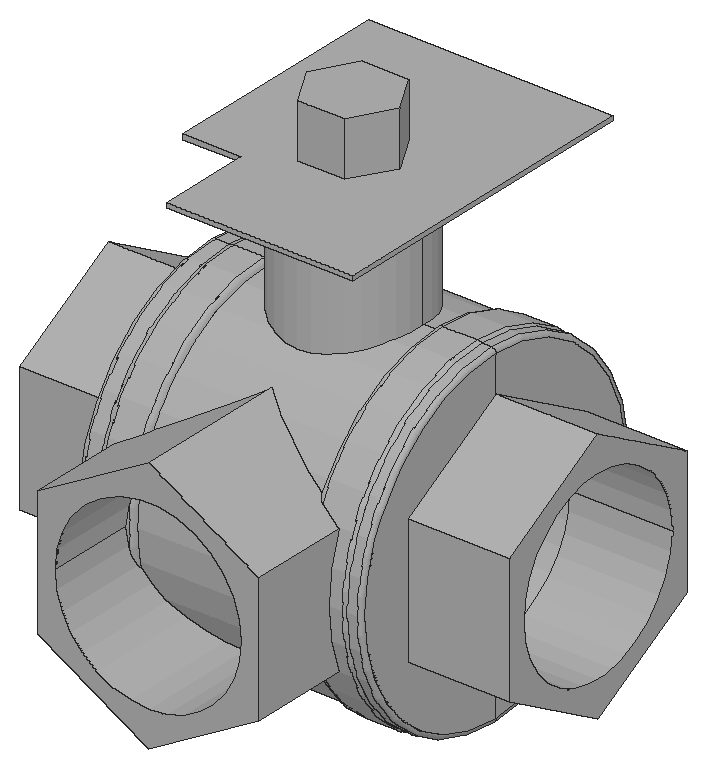
Revit family "CIM861L0000", category Apparecchi idraulici, Revit 2020
Family settings
  Quota connettore circolare = Usa diametro
  Tipo di parte = Normale
  Numero OmniClass = 23.45.00.00
  Titolo OmniClass = Sanitary, Laundry, and Cleaning Equipment
  Basato su piano di lavoro = No
  Sempre verticale = Sì
  Taglio con vuoti quando caricato = No
  Condiviso = No
  Punto di calcolo locali = No
Parameters
  URL = "https://web.cimberio.com/index.php/figura/1602?subcategoria_id="
  Temperatura di esercizio = "-20 ÷ 120°C"
  Prospetto di default = 0 mm
  Produttore = "CIMBERIO SPA"
  Pressione nominale = "PN 30 (1/4\" ÷ 3/4\"); PN 20 (1\" ÷ 1\"1/4); PN 16 (1\"1/2 ÷ 2\");"
  Modello = "Cim 861L"
  Materiale = "Prodotto in lega di ottone conforme alla norma EN 12165-CW617N-DW"
  Descrizione = "Realizzato in ottemperanza ai requisiti gestionali della norma EN ISO 9001.\r\nUtilizzato per la regolazione della temperatura degli ambienti e comandare apparecchi degli impianti di riscaldamento e condizionamento."
  DN Model [instance] = CIM861L1040 : CIM861L1040
  DN [instance] = 40 mm
  Commenti sul tipo = "Utilizzato nei più svariati settori dell'impiantistica: impianti di riscaldamento, condizionamento, idrici, igienico-sanitari, aria compressa e in generale con ogni fluido non corrosivo. Particolarmente indicato come valvola di zona per la regolazione e contabilizzazione di impianti di riscaldamento singoli o a zone, impianti con utilizzazione di energie alternative, impianti con fluidi caldi o freddi e impianti di automazione in genere"
Reference planes
  plane 1 "Centro (Fronte/Retro)": y = 0
  plane 2: z = 0
  plane 3 "Centro (Sinistra/Destra)": x = 0
Dimensions and locks
  aligned and locked: level to plane 2
Nested families
  nested 1: "CIM861L1040" at (0, 0, 0), type <- "DN Model", type "CIM861L1040"
  nested 2: "CIM861L1040" at (0, 0, 0), type <- "DN Model", type "CIM861L1040"
  nested 3: "CIM861L1040" at (0, 0, 0), type <- "DN Model", type "CIM861L1040"
  nested 4: "CIM861L1040" at (0, 0, 0), type <- "DN Model", type "CIM861L1040"
  nested 5: "CIM861L1040" at (0, 0, 0), type <- "DN Model", type "CIM861L1040"
  nested 6: "CIM861L1040" at (0, 0, 0), type <- "DN Model", type "CIM861L1040"
  nested 7: "CIM861L1040" at (0, 0, 0), type <- "DN Model", type "CIM861L1040"
  nested 8: "CIM861L1040" at (0, 0, 0), type <- "DN Model", type "CIM861L1040"
Connectors
  piping at (52.644, 0, 0), diameter 40, driven by "DN"
    settings: on nested 1, index 1, connector inside diameter 609.6 mm, connector length 0 mm, flow factor 0, pipe flow 0.0 L/s, pressure drop 0.0 Pa, fitting loss kfactor 0, connector angle 0.00°, fixture units 0, engagement length 0 mm, angle of deflection 0.00°, flow configuration 0, flow direction 0, fitting loss method 0, system type 7, joint type 0, gender type 0, connector reference index -1, connector utility 0, adjustable connector no, is connector primary yes, connector description ""
  piping at (0, -55.091, 0), diameter 40, driven by "DN"
    settings: on nested 1, index 2, connector inside diameter 609.6 mm, connector length 0 mm, flow factor 0, pipe flow 0.0 L/s, pressure drop 0.0 Pa, fitting loss kfactor 0, connector angle 0.00°, fixture units 0, engagement length 0 mm, angle of deflection 0.00°, flow configuration 0, flow direction 0, fitting loss method 0, system type 7, joint type 0, gender type 0, connector reference index -1, connector utility 0, adjustable connector no, is connector primary no, connector description ""
  piping at (-52.644, 0, 0), diameter 40, driven by "DN"
    settings: on nested 1, index 3, connector inside diameter 609.6 mm, connector length 0 mm, flow factor 0, pipe flow 0.0 L/s, pressure drop 0.0 Pa, fitting loss kfactor 0, connector angle 0.00°, fixture units 0, engagement length 0 mm, angle of deflection 0.00°, flow configuration 0, flow direction 0, fitting loss method 0, system type 7, joint type 0, gender type 0, connector reference index -1, connector utility 0, adjustable connector no, is connector primary no, connector description ""
Definition of nested family "CIM861L1040"
  Parameters (values of type "CIM861L1040")
    Default Elevation = 0 mm
  Reference planes
    plane 1 "Centro (Fronte/Retro)": y = 0
    plane 2: z = 0
    plane 3 "Centro (Sinistra/Destra)": x = 0
  Forms (mm)
    Extrusion 1, solid
      sketch origin (0, 0, 5) x (1, 0, 0) y (0, 1, 0)
        loop
          circle (0, 0) r 15
        loop
          circle (0, 0) r 10
      from 17.617 to 57.561
    Extrusion 2, solid
      sketch origin (0, 0, 5) x (1, 0, 0) y (0, 1, 0)
        loop
          line (10, 0) -> (5, 8.66) -> (-5, 8.66) -> (-10, 0) -> (-5, -8.66) -> (5, -8.66) -> (10, 0)
      from 58.6 to 70.203
    Revolve 3, solid
      sketch origin (0, 0, 0) x (1, 0, 0) y (0, 0, 1)
        loop
          line (-30.688, 22.206) -> (30.688, 22.206) -> (30.688, 35.155)
          arc (30.688, 35.155) -> (30.397, 35.86) -> (29.692, 36.153) r 0.998
          line (29.692, 36.153) -> (27.628, 36.153) -> (26.696, 36.402) -> (19.272, 36.402)
          arc (19.272, 36.402) -> (18.523, 36.092) -> (18.213, 35.344) r 1.058
          line (18.213, 35.344) -> (-18.213, 35.344)
          arc (-18.213, 35.344) -> (-18.562, 35.977) -> (-19.148, 36.402) r 1.659
          line (-19.148, 36.402) -> (-25.765, 36.402) -> (-26.696, 36.153) -> (-29.69, 36.153)
          arc (-29.69, 36.153) -> (-30.396, 35.86) -> (-30.688, 35.155) r 0.998
          line (-30.688, 35.155) -> (-30.688, 22.206)
        axis (-30.688, 0) -> (30.688, 0)
      angle from 0 to 360
    Extrusion 4, solid
      sketch origin (-30.688, 0, 0) x (0, 0, 1) y (0, 1, 0)
        loop
          circle (0, 0) r 20
        loop
          line (-27.5, 0) -> (-13.75, -23.816) -> (13.75, -23.816) -> (27.5, 0) -> (13.75, 23.816) -> (-13.75, 23.816) -> (-27.5, 0)
      from 0 to 21.956
    Extrusion 5, solid
      sketch origin (30.688, 0, 0) x (0, 0, 1) y (0, -1, 0)
        loop
          circle (0, 0) r 20
        loop
          line (-27.5, 0) -> (-13.75, -23.816) -> (13.75, -23.816) -> (27.5, 0) -> (13.75, 23.816) -> (-13.75, 23.816) -> (-27.5, 0)
      from 0 to 21.956
    Extrusion 6, solid
      sketch origin (0, -69.357, 0) x (0, 0, 1) y (1, 0, 0)
        loop
          circle (0, 0) r 20
        loop
          line (-27.5, 0) -> (-13.75, -23.816) -> (13.75, -23.816) -> (27.5, 0) -> (13.75, 23.816) -> (-13.75, 23.816) -> (-27.5, 0)
      from 14.266 to 64.357
    Extrusion 7, solid
      sketch origin (0, 0, 0) x (1, 0, 0) y (0, 1, 0)
        loop
          line (26.696, 36.402) -> (-25.765, 36.402) -> (-25.765, -13.598) -> (-13.304, -13.598) -> (-13.304, -33.598) -> (26.696, -33.598) -> (26.696, 36.402)
      from 62.561 to 63.6
  Dimensions and locks
    aligned and locked: level to plane 2
